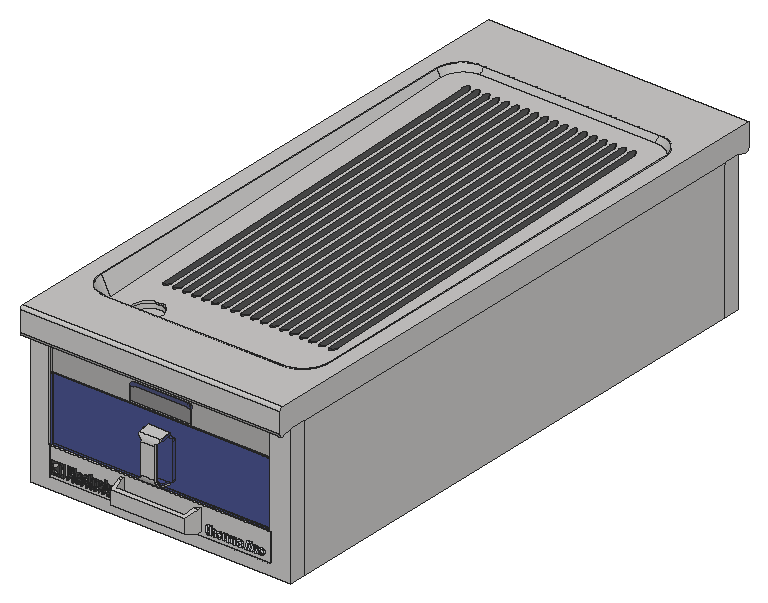
Revit family "QF_ELECTROLUXPROFESSIONAL_588534_MBHNBBDOAO", category Attrezzature speciali, Revit 2020 (continued)
Definition of nested family "Rib_D12"
  Dimensions and locks
    "Lenght": plane 4 "Back" to plane 5 "Front"
    equal spacing: plane 4 "Back", plane 1 "Center (Front/Back)", plane 5 "Front"
    aligned and locked: plane 2 to Extrusion 1
    aligned and locked: level to Extrusion 1
    aligned and locked: plane 4 "Back" to Extrusion 2
    aligned and locked: Extrusion 2 to plane 5 "Front"
  Automatic sketch dimensions
    curve 3 to level = 0 mm
    curve 1 to level = 0 mm
    level to curve 3 = 4 mm
    curve 3 to plane 3 "Center (Left/Right)" = 64.765 mm
    level to curve 6 = 8 mm
    curve 2 to curve 6 = 24.765 mm
    plane 3 "Center (Left/Right)" to curve 5 = 40 mm
    curve 5 to curve 1 = 24.247 mm
    Extrusion 1 sketch curve to Extrusion 1 sketch curve = 364.491 mm
    Extrusion 1 sketch curve to Extrusion 1 sketch curve = 1012.755 mm
    Extrusion 3 sketch curve to plane 3 "Center (Left/Right)" = 0 mm  (x2)
    Extrusion 3 sketch curve to plane 3 "Center (Left/Right)" = 2.484 mm  (x2)
    Extrusion 3 sketch curve to plane 3 "Center (Left/Right)" = 6 mm
    Extrusion 3 sketch curve to Extrusion 3 sketch curve = 3.516 mm  (x2)
    plane 3 "Center (Left/Right)" to Extrusion 3 sketch curve = 2.484 mm  (x2)
    plane 3 "Center (Left/Right)" to Extrusion 3 sketch curve = 6 mm
    plane 5 "Front" to Extrusion 3 sketch curve = 0 mm
    Extrusion 3 sketch curve to Extrusion 3 sketch curve = 1.91 mm  (x2)
    Extrusion 3 sketch curve to Extrusion 3 sketch curve = 1.434 mm  (x2)
    Extrusion 3 sketch curve to Extrusion 3 sketch curve = 6.09 mm  (x2)
    Extrusion 3 sketch curve to plane 4 "Back" = 8 mm
    Extrusion 3 sketch curve to Extrusion 3 sketch curve = 0 mm
    Extrusion 3 sketch curve to Extrusion 3 sketch curve = 4.656 mm
    curve 9 to plane 3 "Center (Left/Right)" = 6 mm
    curve 8 to plane 4 "Back" = 8 mm
    curve 9 to plane 3 "Center (Left/Right)" = 2.484 mm
    plane 3 "Center (Left/Right)" to curve 7 = 6 mm
    plane 5 "Front" to curve 8 = 8 mm
    plane 5 "Front" to curve 7 = 8 mm
    curve 7 to plane 4 "Back" = 8 mm
    curve 9 to plane 4 "Back" = 1.91 mm
    plane 3 "Center (Left/Right)" to curve 10 = 2.484 mm
    curve 10 to plane 4 "Back" = 1.91 mm
    curve 11 to curve 9 = 1.434 mm
    curve 12 to plane 3 "Center (Left/Right)" = 2.484 mm
    plane 5 "Front" to curve 12 = 1.91 mm
    curve 13 to plane 3 "Center (Left/Right)" = 0 mm
    curve 13 to curve 13 = 1.434 mm
    plane 5 "Front" to curve 13 = 1.91 mm
    Extrusion 2 sketch curve to plane 3 "Center (Left/Right)" = 0 mm
    Extrusion 2 sketch curve to plane 3 "Center (Left/Right)" = 6 mm
    Extrusion 2 sketch curve to level = 9.738 mm
    Extrusion 2 sketch curve to Extrusion 2 sketch curve = 9.738 mm
